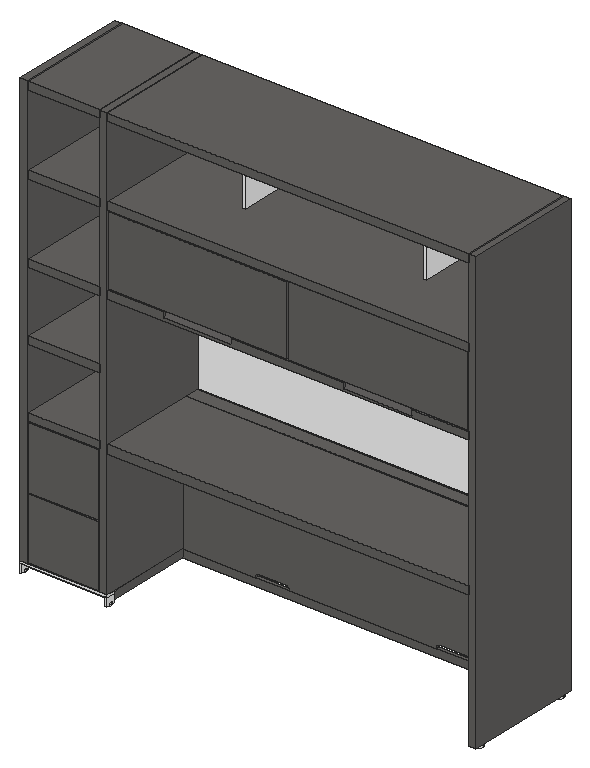
Revit family "Storage-Wall-Teknion-ZXLO_90_High_Without_Lights-R2011", category Furniture Systems, Revit 2013
Parameters (values of type "(See Type Catalog)")
  Working Wall Finish [instance] = Glass - Teknion - K6 - White Backpainted
  Width = 92.642"
  Warranty = "http://www.teknionstudio.com/pdfs/Teknion%20Studio%20Warranty.pdf"
  Wall Unit Finish [instance] = Veneer - Teknion - P7 - Grey Oak
  Unit Weight = 755.00 lbf
  URL = "www.teknionstudio.com"
  Storage Tower = Storage-Unit-Teknion-Tower : Upper Shelves & File/File Pedestal
  Series = "B&B Italia"
  Product Page URL = "http://www.teknionstudio.com/acexecutive/"
  Product Line = "AC Executive"
  Product Documentation Link = "http://www.teknionstudio.com/pricing/ac_executive_storage_walls_ppg.pdf"
  Part Number = "ZXLO"
  Model = ""
  Manufacturer Phone = "919-464-2920"
  Manufacturer Fax = "919-464-2927"
  Manufacturer Email = "customersupport@teknionstudio.com"
  Manufacturer Address = "3940 US 70 Business HWY West, Clayton, NC 27520"
  Manufacturer = "Teknion Studio"  # constant formula
  Low Emitting Material = yes
  Low Emitting Finish = yes
  Height = 89 123/128"
  Description = ""
  Depth = 24"
  Assembly Code = "E2020200"
Reference planes (in)
  plane 1 "Center F/B": y = 0
  plane 2: z = 0
  plane 3 "Back": y = 12
  plane 4 "Front": y = -12
  plane 5 "DoorsTop": z = 73.81394
  plane 6: x = 28.60446
  plane 7: z = 29.68402
  plane 8: z = 56.1289
  plane 9: x = -44.7815
  plane 10: z = 2.1289
  plane 11: x = -8.08858
  plane 12 "Foot Centerline": y = -11.2126
  plane 13 "Foot Centerline Front": y = -10.22835
  plane 14 "Foot Centerline Back": y = 10.22835
  plane 15: y = -8.484
  plane 16: x = -62.49817
  plane 17: x = 30.14383
  plane 18 "Center L/R": x = -16.17717
  plane 19 "Top": z = 89.96094
Forms (in)
  Sweep 1, solid, material "Veneer - Teknion - P7 - Grey Oak" <- "Wall Unit Finish"
    path origin (0, 0, 0) x (1, 0, 0) y (0, 0, 1)
      loop
        line (-44.7815, 29.68402) -> (28.60446, 29.68402)
    profile origin (-8.08852, 0, 29.68402) x (0, 0, 1) y (0, -1, 0)
      loop
        line (0, 12) -> (-1.7638, 12) -> (-1.7638, -7.11393) -> (-5.30827, -7.11393) -> (-5.30827, -7.08268) -> (-27.55512, -7.08268) -> (-27.55512, -7.11393) -> (-29.0945, -7.11393) -> (-29.0945, -7.80668) -> (-5.30828, -7.80668) -> (-5.30828, -12) -> (44.12992, -12) -> (44.12992, 12) -> (42.59022, 12) -> (42.59022, 11.2126) -> (27.98392, 11.2126) -> (27.98392, 12) -> (26.44488, 12) -> (26.44488, -10.94094) -> (0, -10.94094) -> (0, -10.90969) -> (-0.72441, -10.90969) -> (-0.72441, -10.56693) -> (0, -10.56693) -> (0, -8.05709) -> (-0.72441, -8.05709) -> (-0.72441, -7.80709) -> (0, -7.80709) -> (0, 12)
      loop
        line (60.27692, -12) -> (60.27692, 12) -> (58.73755, 12) -> (58.73755, -12) -> (60.27692, -12)
  Sweep 2, solid, material "Veneer - Teknion - P7 - Grey Oak" <- "Wall Unit Finish"
    path origin (0, 0, 15.40683) x (-1, 0, 0) y (0, -1, 0)
      loop
        line (0, 12) -> (0, 11.276)
    profile origin (0, -11.638, 15.40683) x (-1, 0, 0) y (0, 0, 1)
      loop
        line (44.5315, 42.5111) -> (44.5315, 56.6174) -> (8.21358, 56.6174) -> (8.21358, 42.5111) -> (44.5315, 42.5111)
      loop
        line (7.96358, 56.6174) -> (-28.35446, 56.6174) -> (-28.35446, 42.5111) -> (7.96358, 42.5111) -> (7.96358, 56.6174)
  Sweep 3, void
    path origin (0, 0, 0) x (1, 0, 0) y (0, 0, 1)
      loop
        line (-33.3248, 56.1289) -> (-19.54528, 56.1289)
    profile origin (-26.43504, 0, 56.1289) x (0, 0, 1) y (0, -1, 0)
      loop
        line (1.53937, 12) -> (0.43699, 12) -> (1.53937, 11.52755) -> (1.53937, 12)
  Sweep 4, void
    path origin (0, 0, 0) x (1, 0, 0) y (0, 0, 1)
      loop
        line (3.36811, 56.1289) -> (17.14764, 56.1289)
    profile origin (10.25787, 0, 56.1289) x (0, 0, 1) y (0, -1, 0)
      loop
        line (1.53937, 11.52755) -> (1.53937, 12) -> (0.43699, 12) -> (1.53937, 11.52755)
  Sweep 5, void
    path origin (0, 0, 15.40683) x (-1, 0, 0) y (0, -1, 0)
      loop
        line (0, -7.80668) -> (0, -7.08268)
    profile origin (0, 7.44468, 15.40683) x (1, 0, 0) y (0, 0, 1)
      loop
        line (13.68307, 8.96892) -> (6.79331, 8.96892) -> (6.79331, 8.10396)
        arc (6.79331, 8.10396) -> (7.02393, 7.54718) -> (7.58071, 7.31655) r 0.7874
        line (7.58071, 7.31655) -> (12.89567, 7.31655)
        arc (12.89567, 7.31655) -> (13.45245, 7.54718) -> (13.68307, 8.10396) r 0.7874
        line (13.68307, 8.10396) -> (13.68307, 8.96892)
      loop
        line (6.79331, -13.27793) -> (13.68307, -13.27793) -> (13.68307, -13.12045)
        arc (13.68307, -13.12045) -> (13.46398, -12.59152) -> (12.93504, -12.37242) r 0.74803
        line (12.93504, -12.37242) -> (7.54134, -12.37242)
        arc (7.54134, -12.37242) -> (7.0124, -12.59152) -> (6.79331, -13.12045) r 0.74803
        line (6.79331, -13.12045) -> (6.79331, -13.27793)
      loop
        line (-29.86024, 8.96892) -> (-29.86024, 8.10396)
        arc (-29.86024, 8.10396) -> (-29.62961, 7.54718) -> (-29.07283, 7.31655) r 0.7874
        line (-29.07283, 7.31655) -> (-23.75787, 7.31655)
        arc (-23.75787, 7.31655) -> (-23.2011, 7.54718) -> (-22.97047, 8.10396) r 0.7874
        line (-22.97047, 8.10396) -> (-22.97047, 8.96892) -> (-29.86024, 8.96892)
      loop
        line (-22.97047, -13.27793) -> (-22.97047, -13.12045)
        arc (-22.97047, -13.12045) -> (-23.18957, -12.59152) -> (-23.7185, -12.37242) r 0.74803
        line (-23.7185, -12.37242) -> (-29.1122, -12.37242)
        arc (-29.1122, -12.37242) -> (-29.64114, -12.59152) -> (-29.86024, -13.12045) r 0.74803
        line (-29.86024, -13.12045) -> (-29.86024, -13.27793) -> (-22.97047, -13.27793)
  Revolve 6, solid, material "Metal - Teknion - C6 - Chrome"
    sketch origin (0, -10.22835, 0) x (0, 0, 1) y (1, 0, 0)
      loop
        line (0, 29.37415) -> (0, 28.63616) -> (0.23622, 28.63616) -> (0.23622, 29.09181) -> (0.58951, 29.09181) -> (0.58951, 29.37415) -> (0, 29.37415)
      axis (0, 29.37415) -> (0.58951, 29.37415)
    angle from 0 to 360
  Revolve 7, solid, material "Metal - Teknion - C6 - Chrome"
    sketch origin (0, 10.22835, 0) x (0, 0, 1) y (1, 0, 0)
      loop
        line (0, 29.37415) -> (0, 28.63616) -> (0.23622, 28.63616) -> (0.23622, 29.09181) -> (0.58951, 29.09181) -> (0.58951, 29.37415) -> (0, 29.37415)
      axis (0, 29.37415) -> (0.58951, 29.37415)
    angle from 0 to 360
  Sweep 8, solid, material "Veneer - Teknion - P7 - Grey Oak" <- "Wall Unit Finish"
    path origin (-16.17717, 0, 15.40683) x (1, 0, 0) y (0, 1, 0)
      loop
        line (0, 12) -> (0, -12)
    profile origin (-16.17717, 0, 15.40683) x (1, 0, 0) y (0, 0, 1)
      loop
        line (46.321, -14.81732) -> (46.321, 74.55411) -> (44.78163, 74.55411) -> (44.78163, -14.81732) -> (46.321, -14.81732)
  Sweep 9, solid, material "Acrylic - Teknion - Clear"
    path origin (1.7231, 0, 16.35352) x (-1, 0, 0) y (0, -1, 0)
      loop
        line (17.90027, -11.25197) -> (17.90027, 0.16535)
    profile origin (-16.17717, 5.54331, 16.35352) x (1, 0, 0) y (0, 0, 1)
      loop
        line (-10.56841, 72.06711) -> (-10.56841, 57.46041) -> (-9.97392, 57.46041) -> (-9.97392, 72.06711) -> (-10.56841, 72.06711)
      loop
        line (26.15108, 72.06711) -> (26.15108, 57.46041) -> (26.74557, 57.46041) -> (26.74557, 72.06711) -> (26.15108, 72.06711)
Cuts and joins
  Sweep 3, Sweep 4, Sweep 5 cuts Sweep 1
Lines and regions (in)
  Masking region 1
    outline origin (0, 0, 15.40683) x (-1, 0, 0) y (0, -1, 0)
      loop
        line (44.7815, -12) -> (44.7815, 12) -> (-30.14383, 12) -> (-30.14383, -12) -> (44.7815, -12)
  symbolic lines, style "Elevation Swing"
    curve 1: line (-44.7815, -12, 57.66827) -> (-26.43504, -12, 72.02424)
    curve 2: line (-8.08858, -12, 57.66832) -> (-26.43504, -12, 72.02424)
    curve 3: line (-8.08858, 0, 57.66832) -> (10.25794, 0, 72.19583)
    curve 4: line (10.25794, 0, 72.19583) -> (28.60446, 0, 57.66827)
  symbolic lines, detail levels medium+fine
    curve 5: line (-44.7815, 12, 15.40683) -> (-44.7815, -12, 15.40683)
  symbolic lines, style "FurnitureSystemsHiddenLines", detail levels fine
    curve 6: line (28.60446, -11.276, 15.40683) -> (-44.7815, -11.276, 15.40683)
Dimensions and locks (in)
  equal spacing: plane 3 "Back", plane 1 "Center F/B", plane 4 "Front"
  "Depth": plane 3 "Back" to plane 4 "Front"
  "Height": plane 19 "Top" to plane 2
  locked: plane 7 to plane 2 at 29.68402
  locked: plane 8 to plane 7 at 26.44488
  locked: plane 10 to plane 2 at 2.1289
  locked: plane 4 "Front" to plane 12 "Foot Centerline" at 0.7874
  locked: plane 10 to Sweep 1 sketch curve at 1.53939
  locked: plane 7 to Sweep 1 sketch curve at 1.7638
  locked: plane 4 "Front" to Sweep 2 sketch curve at 0.724
  plane 5 "DoorsTop" to Sweep 2 sketch curve to Sweep 2 sketch curve = 1.7897", 14.1063"  (x2)
  Sweep 2 sketch curve to Sweep 2 sketch curve to Sweep 2 sketch curve to Sweep 2 sketch curve = 36.31805", 1/4", 36.31791"
  locked: Sweep 3 sketch curve to Sweep 3 sketch curve at 13.77953
  locked: Sweep 3 sketch curve to plane 8 at 1.53937
  locked: Sweep 3 sketch curve to plane 8 at 0.43699
  locked: plane 4 "Front" to Sweep 3 sketch curve at 0.47245
  Sweep 4 sketch curve to Sweep 4 sketch curve to plane 8 = 1.10238" locked, 0.43699" locked
  locked: plane 4 "Front" to Sweep 4 sketch curve at 0.47245
  locked: Sweep 5 sketch curve to plane 10 at 0.90551  (x2)
  locked: Sweep 5 sketch curve to Sweep 5 sketch curve at 6.88976  (x4)
  plane 7 to Sweep 5 sketch curve to Sweep 5 sketch curve = 5.30827" locked, 1 167/256" locked  (x2)
  plane 3 "Back" to Sweep 5 sketch curve to Sweep 5 sketch curve = 4.19332" locked, 0.724" locked
  Revolve 6 sketch curve to Revolve 6 sketch curve to plane 2 = 0.35329" locked, 0.23622" locked
  Revolve 7 sketch curve to Revolve 7 sketch curve to plane 2 = 0.35329" locked, 0.23622" locked
  equal spacing: plane 11, curve 2, plane 9
  equal spacing: plane 6, curve 4, plane 11
  locked: plane 4 "Front" to curve 6 at 0.724
  locked: plane 3 "Back" to plane 14 "Foot Centerline Back" at 1.77165
  locked: plane 4 "Front" to plane 13 "Foot Centerline Front" at 1.77165
  locked: plane 4 "Front" to plane 15 at 3.516
  locked: plane 6 to plane 17 at 1.53937
  locked: plane 16 to plane 9 at 17.71667
  "Width": plane 16 to plane 17
  locked: plane 18 "Center L/R" to plane 11 at 8.08858
  equal spacing: plane 16, plane 18 "Center L/R", plane 17
  locked: plane 17 to Revolve 6 sketch curve at 0.76969
  locked: Sweep 8 sketch curve to plane 2 at 0.58951
  locked: Revolve 7 sketch curve to plane 17 at 0.76969
  locked: plane 19 "Top" to plane 5 "DoorsTop" at 16.147
  locked: Sweep 9 sketch curve to Sweep 9 sketch curve at 11.41732
  locked: Sweep 9 sketch curve to Sweep 9 sketch curve at 0.59449  (x2)
  locked: Sweep 9 sketch curve to plane 11 at 18.0625
  locked: plane 3 "Back" to Sweep 9 sketch curve at 0.74803
  equal spacing: Sweep 9 sketch curve, plane 11, Sweep 9 sketch curve
  locked: plane 19 "Top" to Sweep 9 sketch curve at 1.54031  (x2)
  locked: plane 19 "Top" to Sweep 1 sketch curve at 1.53937
  locked: plane 5 "DoorsTop" to Sweep 1 sketch curve at 1.5397
  locked: Sweep 1 sketch curve to plane 8 at 1.53904
  aligned and locked: level to plane 2
  aligned and locked: plane 9 to Sweep 1 sketch curve
  aligned and locked: plane 6 to Sweep 1 sketch curve
  aligned and locked: Sweep 1 sketch curve to plane 7  (x4)
  aligned and locked: Sweep 1 sketch curve to plane 4 "Front"  (x2)
  aligned and locked: plane 3 "Back" to Sweep 1 sketch curve  (x2)
  aligned and locked: plane 4 "Front" to Sweep 2 sketch curve
  aligned and locked: Sweep 1 sketch curve to plane 8
  aligned and locked: Sweep 3 sketch curve to plane 8
  aligned and locked: Sweep 4 sketch curve to plane 8
  aligned and locked: Sweep 4 sketch curve to plane 4 "Front"
  aligned and locked: Sweep 5 sketch curve to plane 10
  aligned and locked: plane 2 to Revolve 6 sketch curve
  aligned and locked: Revolve 7 sketch curve to plane 2
  aligned and locked: plane 9 to curve 1
  aligned and locked: plane 11 to curve 2
  aligned and locked: Sweep 2 to curve 2
  aligned and locked: plane 6 to curve 4
  aligned and locked: plane 11 to curve 3
  aligned and locked: Masking region 1 sketch curve to plane 3 "Back"
  aligned and locked: Masking region 1 sketch curve to plane 4 "Front"
  aligned and locked: plane 3 "Back" to curve 5
  aligned and locked: plane 4 "Front" to curve 5
  aligned and locked: curve 5 to plane 9
  aligned and locked: plane 6 to curve 6
  aligned and locked: plane 4 "Front" to Sweep 3 sketch curve
  aligned and locked: Sweep 1 sketch curve to plane 5 "DoorsTop"
  aligned and locked: plane 12 "Foot Centerline" to Sweep 1 sketch curve
  aligned and locked: plane 4 "Front" to Sweep 1 sketch curve  (x2)
  aligned and locked: plane 10 to Sweep 5 sketch curve
  aligned and locked: plane 9 to Masking region 1 sketch curve
  aligned and locked: plane 17 to Masking region 1 sketch curve
  aligned and locked: nested 1 to plane 1 "Center F/B"
  aligned and locked: nested 1 to plane 9
  aligned and locked: nested 1 to plane 2
  aligned and locked: Revolve 6 sketch curve to Revolve 6 sketch curve
  aligned and locked: Sweep 8 sketch curve to plane 17
  aligned and locked: Sweep 8 sketch curve to plane 6
  aligned and locked: Revolve 7 sketch curve to Revolve 7 sketch curve
  aligned and locked: plane 18 "Center L/R" to Sweep 9 sketch curve
  aligned and locked: plane 5 "DoorsTop" to Sweep 9 sketch curve  (x2)
  aligned and locked: Sweep 1 sketch curve to plane 19 "Top"
  aligned and locked: plane 19 "Top" to Sweep 8 sketch curve
Automatic sketch dimensions
  plane 8 to curve 4 = 1.53937"
  plane 8 to curve 3 = 1.53942"
  curve 4 to plane 5 "DoorsTop" = 1.61811"
  plane 8 to curve 2 = 1.53942"
  plane 8 to curve 1 = 1.53937"
  Sweep 4 sketch curve to plane 6 = 11.45683"
  Sweep 5 sketch curve to Sweep 5 sketch curve = 0.74803"  (x4)
  Sweep 5 sketch curve to Sweep 5 sketch curve = 0.7874"  (x5)
  plane 4 "Front" to Sweep 8 sketch curve = 0"
  Sweep 8 sketch curve to plane 3 "Back" = 0"
  Sweep 8 sketch curve to plane 11 = 8.08858"
  plane 11 to Sweep 2 sketch curve = 8.08858"
  plane 11 to Sweep 4 sketch curve = 11.45669"
  plane 11 to Sweep 5 sketch curve = 8.08858"
  profile plane to Sweep 5 sketch curve = 29.86024"
  Sweep 5 sketch curve to profile plane = 6.79331"  (x2)
  Revolve 6 sketch curve to level = 0"
  plane 10 to Revolve 6 sketch curve = 0.71099"
  plane 6 to Revolve 6 sketch curve = 0.03169"
  Revolve 6 sketch curve to Revolve 6 sketch curve = 0.28234"
  Revolve 7 sketch curve to level = 0"
  Revolve 7 sketch curve to plane 10 = 161/256"
  plane 6 to Revolve 7 sketch curve = 0.03169"
  Revolve 7 sketch curve to Revolve 7 sketch curve = 0.28234"
  Sweep 1 sketch curve to Sweep 1 sketch curve = 1.53939"
  Sweep 1 sketch curve to Sweep 1 sketch curve = 3.54449"
  Sweep 1 sketch curve to Sweep 1 sketch curve = 0"
  profile plane to Sweep 1 sketch curve = 0.72441"  (x2)
  Sweep 1 sketch curve to plane 1 "Center F/B" = 10.94094"
  Sweep 1 sketch curve to Sweep 1 sketch curve = 1/32"  (x2)
  Sweep 1 sketch curve to Sweep 1 sketch curve = 0.34277"
  Sweep 1 sketch curve to Sweep 1 sketch curve = 2.50984"
  Sweep 1 sketch curve to Sweep 1 sketch curve = 1/4"
  Sweep 1 sketch curve to Sweep 1 sketch curve = 4.19332"
  Sweep 1 sketch curve to Sweep 1 sketch curve = 0.69316"
  Sweep 1 sketch curve to Sweep 1 sketch curve = 0.69275"
Nested families (in)
  nested 1: "Storage-Unit-Teknion-Tower" at (-53.63976, 0, 0) x (-1, 0, 0) z (0, 0, 1), type <- "Storage Tower", Height <- "Height", type "Upper Shelves & File/File Pedestal"
    with Height 89 123/128", Has Top Shelf yes, Bottom Drawer Height 13.047"
Definition of nested family "Storage-Unit-Teknion-Tower"
  Parameters (values of type "Upper Wardrobe & Lower Door")
    Width = 17.71654"
    Warranty = "http://www.teknionstudio.com/pdfs/Teknion%20Studio%20Warranty.pdf"
    Wall Unit Finish = Veneer - Teknion - P8 - Light Brushed Oak
    URL = "www.teknionstudio.com"
    Series = "B&B Italia"
    Product Line = "AC Executive"
    Model = ""
    Middle Drawer Height = if(Has Top Drawer, 6.425", 12.719")  # 12.719"
    Manufacturer Phone = "919-464-2920"
    Manufacturer Fax = "919-464-2927"
    Manufacturer Email = "customersupport@teknionstudio.com"
    Manufacturer Address = "3940 US 70 Business HWY West, Clayton, NC 27520"
    Manufacturer = "Teknion Studio"  # constant formula
    Height [instance] = 73.81394"
    Has Top Shelf [instance] = and(Height > 75", Has Shelves)  # no
    Has Top Drawer = no
    Has Top Door = yes
    Has Shelves = no
    Has Right Leg = yes
    Has Middle Drawer = no
    Has Lower Shelf = yes
    Has Left Leg = yes
    Has Full Wardrobe Door = no
    Has Doors = yes
    Door Projection Symbol = yes
    Description = "Tower Storage Unit"
    Depth = 24"
    Bottom Drawer Height [instance] = if(Has Middle Drawer, 13.047", if(Has Top Drawer, 13.047", if(Has Full Wardrobe Door, (Height - 3.668"), 26.016")))  # 26.016"
    Assembly Code = "E2010200"
  Types (7): name | Wall Unit Finish | Series | Product Line | Middle Drawer Height | Has Top Drawer | Has Top Door | Has Shelves | Has Middle Drawer | Has Lower Shelf | Has Full Wardrobe Door | Has Doors | Door Projection Symbol | Bottom Drawer Height
    Upper Shelves & Lower Door | none | "AC Executive" | "" | 12.719" | no | no | yes | no | yes | no | yes | yes | 26.016"
    Upper Shelves & File/File Pedestal | none | "AC Executive" | "" | 12.719" | no | no | yes | yes | yes | no | no | no | 13.047"
    Upper Shelves & Box/Box/File Pedestal | Veneer - Teknion - P8 - Light Brushed Oak | "AC Executive" | "" | 6.425" | yes | no | yes | yes | yes | yes | no | no | 13.047"
    Full Wardrobe | none | "AC Executive" | "" | 12.719" | no | no | no | no | no | yes | yes | yes | 70.14594"
    Upper Wardrobe & Lower Door | Veneer - Teknion - P8 - Light Brushed Oak | "B&B Italia" | "AC Executive" | 12.719" | no | yes | no | no | yes | no | yes | yes | 26.016"
    Upper Wardrobe & File/File Pedestal | none | "AC Executive" | "" | 12.719" | no | yes | no | yes | yes | no | no | yes | 13.047"
    Upper Wardrobe & Box/Box/File Pedestal | none | "AC Executive" | "" | 6.425" | yes | yes | no | yes | yes | no | no | yes | 13.047"
  Reference planes (in)
    plane 1 "Center F/B": y = 0
    plane 2: z = 0
    plane 3 "Center L/R": x = 0
    plane 4 "Left": x = -8.85827
    plane 5 "Right": x = 8.85827
    plane 6 "Back": y = 12
    plane 7 "Front": y = -12
    plane 8 "Top": z = 73.81394
    plane 9: x = -7.3189
    plane 10: x = 7.3189
    plane 11: z = 2.1289
    plane 12 "Foot Centerline": y = -11.2126
    plane 13: z = 29.68402
    plane 14 "Drawer 1 Top": z = 28.1449
    plane 15 "Drawer 2 Top": z = 40.8639
    plane 16 "Drawer 3 Top": z = 27.89502
    plane 17: z = 42.13677
  Forms (in)
    Sweep 1, solid, material "Metal - Teknion - C6 - Chrome", visible <- "Has Left Leg"
      path origin (0, -12, 0) x (1, 0, 0) y (0, 0, 1)
        loop
          line (-8.85827, 1.7349) -> (-8.85827, 0.05803)
      profile origin (-8.85827, -12, 0.89646) x (0, -1, 0) y (1, 0, 0)
        loop
          line (-1.5748, 0) -> (0, 0) -> (0, 0.394) -> (-1.5748, 0.394) -> (-1.5748, 0)
    Sweep 2, solid, material "Metal - Teknion - C6 - Chrome"
      path origin (0, -12, 0) x (1, 0, 0) y (0, 0, 1)
        loop
          line (-8.46427, 2.1289) -> (8.46427, 2.1289)
      profile origin (0, -12, 2.1289) x (0, 0, 1) y (0, -1, 0)
        loop
          line (-0.394, -1.5748) -> (-0.394, -1.3778) -> (-1.575, -1.3778) -> (-1.575, -1.5748) -> (-0.394, -1.5748)
    Revolve 3, solid, material "Metal - Teknion - C6 - Chrome"
      sketch origin (0, -11.2126, 0) x (0, 0, -1) y (1, 0, 0)
        loop
          line (-0.4911, 8.32677) -> (-0.45173, 8.2874) -> (-0.28492, 8.2874) -> (-0.24555, 8.32677) -> (-0.20618, 8.2874) -> (-0.03937, 8.2874) -> (0, 8.32677) -> (0, 8.66142) -> (-0.4911, 8.66142) -> (-0.4911, 8.32677)
        axis (0, 8.66142) -> (-0.4911, 8.66142)
      angle from 0 to 360
    Revolve 4, solid, material "Metal - Teknion - C6 - Chrome", visible <- "Has Left Leg"
      sketch origin (0, -11.2126, 0) x (0, 0, -1) y (1, 0, 0)
        loop
          line (0, -8.99606) -> (0, -8.66142) -> (-0.4911, -8.66142) -> (-0.4911, -8.99606) -> (-0.45173, -9.03543) -> (-0.28492, -9.03543) -> (-0.24555, -8.99606) -> (-0.20618, -9.03543) -> (-0.03937, -9.03543) -> (0, -8.99606)
        axis (0, -8.66142) -> (-0.4911, -8.66142)
      angle from 0 to 360
    Sweep 5, solid, material "Veneer - Teknion - P8 - Light Brushed Oak" <- "Wall Unit Finish"
      path origin (0, 0, 0) x (1, 0, 0) y (0, 0, 1)
        loop
          line (0, 2.1289) -> (0, 73.81394)
      profile origin (0, 0, 37.97142) x (-1, 0, 0) y (0, -1, 0)
        loop
          line (8.85827, -12) -> (8.85827, 12) -> (7.3189, 12) -> (7.3189, -12) -> (8.85827, -12)
        loop
          line (-7.3189, 12) -> (-8.85827, 12) -> (-8.85827, -12) -> (-7.3189, -12) -> (-7.3189, 12)
    Sweep 6, solid, material "Veneer - Teknion - P8 - Light Brushed Oak" <- "Wall Unit Finish"
      path origin (0, 0, 15.40683) x (-1, 0, 0) y (0, -1, 0)
        loop
          line (0, -12) -> (0, 12)
      profile origin (0, 0, 15.40683) x (1, 0, 0) y (0, 0, 1)
        loop
          line (-7.3189, 58.4071) -> (-7.3189, 56.86773) -> (7.3189, 56.86773) -> (7.3189, 58.4071) -> (-7.3189, 58.4071)
    Sweep 7, solid, material "Veneer - Teknion - P8 - Light Brushed Oak" <- "Wall Unit Finish"
      path origin (0, -12, 0) x (1, 0, 0) y (0, 0, 1)
        loop
          line (0, 2.1289) -> (0, 72.27457)
      profile origin (0, -12, 37.20173) x (-1, 0, 0) y (0, -1, 0)
        loop
          line (7.3189, -24) -> (7.3189, -23.25) -> (-7.3189, -23.25) -> (-7.3189, -24) -> (7.3189, -24)
    Sweep 8, solid, material "Veneer - Teknion - P8 - Light Brushed Oak" <- "Wall Unit Finish", visible <- "Has Lower Shelf"
      path origin (0, -12, 0) x (1, 0, 0) y (0, 0, 1)
        loop
          line (-7.3189, 29.68402) -> (7.3189, 29.68402)
      profile origin (0, -12, 29.68402) x (0, 0, 1) y (0, -1, 0)
        loop
          line (0, 0) -> (-1.539, 0) -> (-1.539, -0.724) -> (-27.55512, -0.724) -> (-27.55512, -23.25) -> (0, -23.25) -> (0, 0)
    Sweep 9, solid, material "Veneer - Teknion - P8 - Light Brushed Oak" <- "Wall Unit Finish"
      path origin (0, -12, 0) x (1, 0, 0) y (0, 0, 1)
        loop
          line (0, 2.3789) -> (0, 27.8949)
      profile origin (0, -12, 15.1369) x (-1, 0, 0) y (0, -1, 0)
        loop
          line (7.0689, -0.724) -> (7.0689, 0) -> (-7.0689, 0) -> (-7.0689, -0.724) -> (7.0689, -0.724)
    Sweep 10, solid, material "Veneer - Teknion - P8 - Light Brushed Oak" <- "Wall Unit Finish", visible <- "Has Middle Drawer"
      path origin (0, -12, 0) x (1, 0, 0) y (0, 0, 1)
        loop
          line (0, 28.1449) -> (0, 40.8639)
      profile origin (0, -12, 34.5044) x (-1, 0, 0) y (0, -1, 0)
        loop
          line (7.0689, -0.724) -> (7.0689, 0) -> (-7.0689, 0) -> (-7.0689, -0.724) -> (7.0689, -0.724)
    Sweep 11, solid, material "Veneer - Teknion - P8 - Light Brushed Oak" <- "Wall Unit Finish", visible <- "Has Top Drawer"
      path origin (0, -12, 0) x (1, 0, 0) y (0, 0, 1)
        loop
          line (0, 47.15802) -> (0, 41.1139)
      profile origin (0, -12, 44.13596) x (0, -1, 0) y (1, 0, 0)
        loop
          line (0, 7.0689) -> (-0.724, 7.0689) -> (-0.724, -7.0689) -> (0, -7.0689) -> (0, 7.0689)
    Sweep 12, solid, material "Veneer - Teknion - P8 - Light Brushed Oak" <- "Wall Unit Finish", visible <- "Has Shelves"
      path origin (0, -12, 0) x (1, 0, 0) y (0, 0, 1)
        loop
          line (0, 42.13677) -> (0, 43.67614)
      profile origin (0, -12, 42.90646) x (-1, 0, 0) y (0, -1, 0)
        loop
          line (7.3189, -23.25) -> (7.3189, 0) -> (-7.3189, 0) -> (-7.3189, -23.25) -> (7.3189, -23.25)
    Sweep 13, solid, material "Veneer - Teknion - P8 - Light Brushed Oak" <- "Wall Unit Finish", visible <- "Has Shelves"
      path origin (0, -12, 13.9918) x (1, 0, 0) y (0, 0, 1)
        loop
          line (0, 42.13677) -> (0, 43.67614)
      profile origin (0, -12, 56.89825) x (-1, 0, 0) y (0, -1, 0)
        loop
          line (7.3189, -23.25) -> (7.3189, 0) -> (-7.3189, 0) -> (-7.3189, -23.25) -> (7.3189, -23.25)
    Sweep 14, solid, material "Veneer - Teknion - P8 - Light Brushed Oak" <- "Wall Unit Finish", visible <- "Has Top Door"
      path origin (0, -12, 0) x (1, 0, 0) y (0, 0, 1)
        loop
          line (0, 29.93402) -> (0, 72.02457)
      profile origin (0, -12, 50.97929) x (-1, 0, 0) y (0, -1, 0)
        loop
          line (7.0689, -0.724) -> (7.0689, 0) -> (-7.0689, 0) -> (-7.0689, -0.724) -> (7.0689, -0.724)
    Sweep 15, solid, material "Veneer - Teknion - P8 - Light Brushed Oak" <- "Wall Unit Finish"
      path origin (0, -12, 0) x (1, 0, 0) y (0, 0, 1)
        loop
          line (-8.85827, 2.1289) -> (8.85827, 2.1289)
      profile origin (0, -12, 2.1289) x (0, 0, 1) y (0, -1, 0)
        loop
          line (0, -1.5748) -> (-1.53937, -1.5748) -> (-1.53937, -24) -> (0, -24) -> (0, -1.5748)
    Sweep 16, solid, material "Veneer - Teknion - P8 - Light Brushed Oak" <- "Wall Unit Finish", visible <- "Has Top Shelf"
      path origin (0, 0, 0) x (1, 0, 0) y (0, 0, 1)
        loop
          line (0, 73.81394) -> (0, 72.27457)
      profile origin (0, 0, 73.04425) x (0, -1, 0) y (1, 0, 0)
        loop
          line (-11.25, -7.3189) -> (12, -7.3189) -> (12, 7.3189) -> (-11.25, 7.3189) -> (-11.25, -7.3189)
    Sweep 17, solid, material "Metal - Teknion - C6 - Chrome"
      path origin (0, 0, 0) x (1, 0, 0) y (0, 0, 1)
        loop
          line (-8.85827, 2.1289) -> (8.85827, 2.1289)
      profile origin (0, 0, 2.1289) x (0, 0, 1) y (0, -1, 0)
        loop
          line (0, 10.4252) -> (0, 12) -> (-0.394, 12) -> (-0.394, 10.4252) -> (0, 10.4252)
    Sweep 18, solid, material "Metal - Teknion - C6 - Chrome"
      path origin (0, 0, 0) x (1, 0, 0) y (0, 0, 1)
        loop
          line (8.85827, 1.7349) -> (8.85827, 0.05803)
      profile origin (8.85827, 0, 0.89646) x (0, -1, 0) y (1, 0, 0)
        loop
          line (10.4252, -0.394) -> (12, -0.394) -> (12, 0) -> (10.4252, 0) -> (10.4252, -0.394)
  Lines and regions (in)
    Masking region 1
      outline origin (0, 0, 15.40683) x (-1, 0, 0) y (0, -1, 0)
        loop
          line (8.85827, -12) -> (8.85827, 12) -> (-8.85827, 12) -> (-8.85827, -12) -> (8.85827, -12)
    symbolic lines, style "FurnitureSystems", detail levels medium+fine
      curve 1: line (-7.3189, 12, 15.40683) -> (-7.3189, -12, 15.40683)
      curve 2: line (7.3189, 12, 15.40683) -> (7.3189, -12, 15.40683)
    symbolic lines, style "FurnitureSystemsHiddenLines", detail levels fine
      curve 3: line (-7.3189, -11.276, 15.40683) -> (7.3189, -11.276, 15.40683)
    symbolic lines, style "Elevation Swing", visible <- "Has Doors"
      curve 4: line (-7.3189, -12, 2.1289) -> (7.3189, -12, 15.1369)
      curve 5: line (7.3189, -12, 15.1369) -> (-7.3189, -12, 28.1449)
    symbolic lines, style "Elevation Swing", visible <- "Has Top Door"
      curve 6: line (-7.3189, -12, 29.68402) -> (7.3189, -12, 50.97929)
      curve 7: line (7.3189, -12, 50.97929) -> (-7.3189, -12, 72.27457)
    symbolic lines, style "FurnitureSystems", visible <- "Door Projection Symbol"
      curve 8: arc (-7.3189, -12, 0) -> (-3.03159, -22.35048, 0) -> (7.3189, -26.6378, 0) r 14.6378
    symbolic lines, visible <- "Door Projection Symbol"
      curve 9: line (7.3189, -12, 15.40683) -> (7.3189, -26.6378, 15.40683)
  Dimensions and locks (in)
    equal spacing: plane 4 "Left", plane 3 "Center L/R", plane 5 "Right"
    "Width": plane 4 "Left" to plane 5 "Right"
    equal spacing: plane 6 "Back", plane 1 "Center F/B", plane 7 "Front"
    "Depth": plane 6 "Back" to plane 7 "Front"
    locked: plane 4 "Left" to plane 9 at 1.53937
    locked: plane 10 to plane 5 "Right" at 1.53937
    "Height": plane 8 "Top" to level
    locked: Sweep 1 sketch curve to level at 0.05803
    locked: plane 11 to plane 2 at 2.1289
    plane 11 to Sweep 2 sketch curve to Sweep 2 sketch curve = 0.394" locked, 1.181" locked
    plane 7 "Front" to Sweep 2 sketch curve to Sweep 2 sketch curve = 1.3778" locked, 0.197" locked
    locked: Revolve 3 sketch curve to plane 2 at 0.4911  (x2)
    locked: plane 5 "Right" to Revolve 3 sketch curve at 0.57087
    locked: plane 7 "Front" to plane 12 "Foot Centerline" at 0.7874
    Revolve 3 sketch curve to Revolve 3 sketch curve to Revolve 3 sketch curve to Revolve 3 sketch curve to plane 2 = 0.16681" locked, 0.07874" locked, 0.16681" locked, 0.03937" locked
    locked: Revolve 4 sketch curve to plane 2 at 0.4911  (x2)
    locked: Revolve 4 sketch curve to Revolve 4 sketch curve at 0.37402
    Revolve 4 sketch curve to Revolve 4 sketch curve to Revolve 4 sketch curve to Revolve 4 sketch curve to plane 2 = 0.16681" locked, 0.07874" locked, 0.16681" locked, 0.03937" locked
    locked: Revolve 4 sketch curve to plane 4 "Left" at 0.19685
    locked: plane 8 "Top" to Sweep 6 sketch curve at 1.53937
    locked: plane 8 "Top" to Sweep 7 sketch curve at 1.53937
    locked: plane 6 "Back" to Sweep 7 sketch curve at 0.75
    locked: plane 13 to plane 2 at 29.68402
    locked: plane 7 "Front" to Sweep 8 sketch curve at 0.724
    locked: plane 13 to Sweep 8 sketch curve at 1.539
    locked: plane 13 to plane 16 "Drawer 3 Top" at 1.789
    "Bottom Drawer Height": plane 14 "Drawer 1 Top" to plane 11
    "Middle Drawer Height": plane 15 "Drawer 2 Top" to plane 14 "Drawer 1 Top"
    locked: plane 14 "Drawer 1 Top" to Sweep 9 sketch curve at 0.25
    locked: plane 7 "Front" to Sweep 9 sketch curve at 0.724
    locked: Sweep 10 sketch curve to plane 12 "Foot Centerline" at 0.0634
    locked: plane 7 "Front" to Sweep 11 sketch curve at 0.724
    locked: plane 17 to plane 13 at 12.45276
    group 1 to group 2 = 0"  (x2)
    group 1 to group 2 = 13.9918"
    locked: Sweep 13 to plane 17 at 13.9918
    locked: plane 8 "Top" to Sweep 14 sketch curve at 1.78937
    locked: Sweep 14 sketch curve to plane 13 at 0.25
    locked: plane 7 "Front" to Sweep 14 sketch curve at 0.724
    locked: plane 11 to Sweep 15 sketch curve at 1.53937
    locked: plane 7 "Front" to Sweep 15 sketch curve at 1.5748
    equal spacing: Sweep 6, curve 7, plane 13
    equal spacing: plane 14 "Drawer 1 Top", curve 5, plane 11
    locked: plane 6 "Back" to Sweep 16 sketch curve at 0.75
    Sweep 16 sketch curve to Sweep 16 sketch curve to plane 2 = 1.53937" locked, 72.27457" locked
    locked: Sweep 9 sketch curve to plane 11 at 0.25
    locked: plane 9 to Sweep 9 sketch curve at 0.25
    locked: Sweep 9 sketch curve to plane 10 at 0.25
    locked: Sweep 11 sketch curve to plane 15 "Drawer 2 Top" at 0.25
    locked: plane 9 to Sweep 11 sketch curve at 0.25
    locked: Sweep 11 sketch curve to plane 10 at 0.25
    locked: Sweep 10 sketch curve to plane 10 at 0.25
    locked: plane 9 to Sweep 10 sketch curve at 0.25
    locked: Sweep 11 sketch curve to Sweep 11 sketch curve at 6.04412
    locked: Sweep 14 sketch curve to plane 10 at 0.25
    locked: plane 9 to Sweep 14 sketch curve at 0.25
    locked: plane 4 "Left" to Sweep 1 sketch curve at 0.394
    locked: plane 7 "Front" to Sweep 1 sketch curve at 1.5748
    locked: plane 11 to Sweep 1 sketch curve at 0.394
    locked: Sweep 17 sketch curve to plane 7 "Front" at 1.5748
    locked: plane 11 to Sweep 17 sketch curve at 0.394
    locked: Sweep 18 sketch curve to plane 2 at 0.05803
    locked: Sweep 18 sketch curve to plane 5 "Right" at 0.394
    locked: plane 7 "Front" to Sweep 18 sketch curve at 1.5748
    locked: plane 11 to Sweep 18 sketch curve at 0.394
    locked: plane 5 "Right" to Sweep 2 sketch curve at 0.394
    locked: Sweep 2 sketch curve to plane 4 "Left" at 0.394
    aligned and locked: level to plane 2
    aligned and locked: Sweep 1 sketch curve to plane 4 "Left"
    aligned and locked: Sweep 2 sketch curve to plane 11
    aligned and locked: plane 2 to Revolve 3 sketch curve
    aligned and locked: Revolve 3 sketch curve to plane 2
    aligned and locked: plane 2 to Revolve 4 sketch curve
    aligned and locked: Revolve 4 sketch curve to plane 2
    aligned and locked: plane 8 "Top" to Sweep 5 sketch curve
    aligned and locked: plane 11 to Sweep 5 sketch curve
    aligned and locked: plane 3 "Center L/R" to Sweep 5 sketch curve
    aligned and locked: Sweep 5 sketch curve to plane 6 "Back"
    aligned and locked: plane 6 "Back" to Sweep 5 sketch curve
    aligned and locked: Sweep 5 sketch curve to plane 10
    aligned and locked: plane 5 "Right" to Sweep 5 sketch curve
    aligned and locked: Sweep 5 sketch curve to plane 9
    aligned and locked: plane 4 "Left" to Sweep 5 sketch curve
    aligned and locked: Sweep 5 sketch curve to plane 7 "Front"
    aligned and locked: plane 7 "Front" to Sweep 5 sketch curve
    aligned and locked: plane 6 "Back" to Sweep 6 sketch curve
    aligned and locked: plane 7 "Front" to Sweep 6 sketch curve
    aligned and locked: Sweep 6 sketch curve to plane 3 "Center L/R"
    aligned and locked: plane 9 to Sweep 6 sketch curve
    aligned and locked: Sweep 6 sketch curve to plane 8 "Top"
    aligned and locked: Sweep 6 sketch curve to plane 10
    aligned and locked: plane 11 to Sweep 7 sketch curve
    aligned and locked: plane 3 "Center L/R" to Sweep 7 sketch curve
    aligned and locked: plane 9 to Sweep 7 sketch curve
    aligned and locked: Sweep 7 sketch curve to plane 10
    aligned and locked: Sweep 7 sketch curve to plane 6 "Back"
    aligned and locked: plane 9 to Sweep 8 sketch curve
    aligned and locked: plane 10 to Sweep 8 sketch curve
    aligned and locked: Sweep 8 sketch curve to plane 13  (x2)
    aligned and locked: plane 7 "Front" to Sweep 8 sketch curve
    aligned and locked: Sweep 8 sketch curve to plane 11
    aligned and locked: plane 3 "Center L/R" to Sweep 9 sketch curve
    aligned and locked: Sweep 9 sketch curve to plane 7 "Front"
    aligned and locked: plane 15 "Drawer 2 Top" to Sweep 10 sketch curve
    aligned and locked: plane 14 "Drawer 1 Top" to Sweep 10 sketch curve
    aligned and locked: plane 3 "Center L/R" to Sweep 10 sketch curve
    aligned and locked: plane 7 "Front" to Sweep 10 sketch curve
    aligned and locked: Sweep 11 sketch curve to plane 3 "Center L/R"
    aligned and locked: Sweep 11 sketch curve to plane 7 "Front"
    aligned and locked: Sweep 13 to plane 9
    aligned and locked: plane 3 "Center L/R" to Sweep 14 sketch curve
    aligned and locked: Sweep 14 sketch curve to plane 7 "Front"
    aligned and locked: plane 4 "Left" to Sweep 15 sketch curve
    aligned and locked: plane 5 "Right" to Sweep 15 sketch curve
    aligned and locked: Sweep 15 sketch curve to plane 11  (x2)
    aligned and locked: Sweep 15 sketch curve to plane 6 "Back"
    aligned and locked: plane 4 "Left" to Masking region 1 sketch curve
    aligned and locked: Masking region 1 sketch curve to plane 6 "Back"
    aligned and locked: Masking region 1 sketch curve to plane 5 "Right"
    aligned and locked: Masking region 1 sketch curve to plane 7 "Front"
    aligned and locked: plane 6 "Back" to curve 1
    aligned and locked: curve 1 to plane 9
    aligned and locked: plane 7 "Front" to curve 2
    aligned and locked: plane 6 "Back" to curve 2
    aligned and locked: curve 2 to plane 10
    aligned and locked: plane 9 to curve 3
    aligned and locked: plane 10 to curve 3
    aligned and locked: curve 3 to Sweep 14
    aligned and locked: plane 11 to curve 4
    aligned and locked: plane 9 to curve 4
    aligned and locked: plane 10 to curve 5
    aligned and locked: plane 9 to curve 5
    aligned and locked: plane 14 "Drawer 1 Top" to curve 5
    aligned and locked: plane 13 to curve 6
    aligned and locked: plane 9 to curve 6
    aligned and locked: plane 9 to curve 7
    aligned and locked: curve 7 to Sweep 6
    aligned and locked: plane 7 "Front" to curve 8
    aligned and locked: curve 8 to plane 10
    aligned and locked: Sweep 16 sketch curve to plane 3 "Center L/R"
    aligned and locked: plane 9 to Sweep 16 sketch curve
    aligned and locked: Sweep 16 sketch curve to plane 10
    aligned and locked: Sweep 16 sketch curve to plane 7 "Front"
    aligned and locked: plane 4 "Left" to Sweep 17 sketch curve
    aligned and locked: plane 5 "Right" to Sweep 17 sketch curve
    aligned and locked: Sweep 17 sketch curve to plane 11  (x2)
    aligned and locked: Sweep 17 sketch curve to plane 7 "Front"
    aligned and locked: Sweep 18 sketch curve to plane 5 "Right"  (x2)
    aligned and locked: Sweep 18 sketch curve to plane 7 "Front"
  Automatic sketch dimensions
    Revolve 3 sketch curve to Revolve 3 sketch curve = 0.03937"  (x3)
    Revolve 3 sketch curve to Revolve 3 sketch curve = 0"  (x2)
    Revolve 3 sketch curve to plane 5 "Right" = 0.19685"
    Revolve 4 sketch curve to Revolve 4 sketch curve = 0.03937"  (x3)
    Revolve 4 sketch curve to Revolve 4 sketch curve = 0"  (x2)
    Sweep 12 sketch curve to Sweep 12 sketch curve = 1.53937"
    profile plane to Sweep 12 sketch curve = 0"
    profile plane to Sweep 12 sketch curve = 7.3189"
    Sweep 12 sketch curve to profile plane = 7.3189"
    Sweep 12 sketch curve to profile plane = 23 1/4"
    Sweep 13 sketch curve to Sweep 13 sketch curve = 1.53937"
    profile plane to Sweep 13 sketch curve = 0"
    profile plane to Sweep 13 sketch curve = 7.3189"
    Sweep 13 sketch curve to profile plane = 7.3189"
    Sweep 13 sketch curve to profile plane = 23 1/4"
    Sweep 8 sketch curve to Sweep 8 sketch curve = 22.526"
    curve 7 to plane 10 = 0"
    curve 8 to plane 9 = 0"
    plane 7 "Front" to curve 1 = 0"
    plane 7 "Front" to curve 9 = 14.6378"
    Sweep 1 sketch curve to profile plane = 0"
    plane 7 "Front" to Sweep 1 sketch curve = 0"
